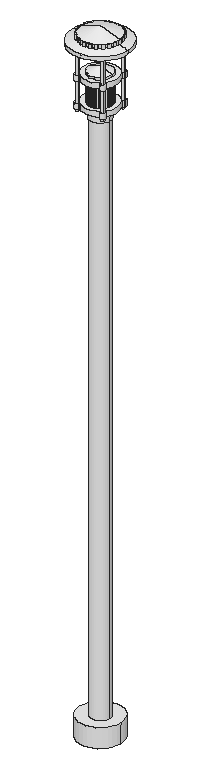
Revit family "BNM", category Lighting Fixtures, Revit 2013
Parameters
  Wattage Comments = "60 LEDs, 66W"  # constant formula
  Wattage = 66 W
  built-in parameter 1150110 = 1 (stored number, unit not read)
  Voltage = 120 V
  URL = "www.kimlighting.com/"
  Type Comments = "Lighting Fixture"  # constant formula
  built-in parameter 1114217 = 1 (stored number, unit not read)
  Tilt Angle = 90.00°
  built-in parameter 1150109 = 1 (stored number, unit not read)
  built-in parameter 1150134 = (empty or 0)
  built-in parameter 1150113 = 1 (stored number, unit not read)
  Series = "Mini_Bounce"  # constant formula
  Revision Date = "10/16/2017"  # constant formula
  Product Page URL = "http://www.kimlighting.com/products/minibounce"
  Product Documentation Link = "http://www.kimlighting.com/content/products/specs/specs_files/kl_bnmled_spec.pdf"
  Power Factor = 1  # constant formula
  Pole Visible = yes
  Photometric Web Link = "http://www.kimlighting.com/products/minibounce"
  Photometric Web File = "BNM-18LED-4K.ies"
  Photometric Notes = "More IES files download on Photometric Web Link"  # constant formula
  OmniClass Title = "Street and Roadway Lighting"  # constant formula
  OmniClass Number = "23-80 70 14 21"  # constant formula
  Number of Poles = 1
  Note Visible = yes
  Note Text = "LF"  # constant formula
  Model = "BNM"  # constant formula
  MasterFormat Title = "Parking Lighting, Site Lighting, Walkway Lighting"  # constant formula
  Manufacturer Phone = "626-968-5666"  # constant formula
  Manufacturer Fax = "626-369-2695"  # constant formula
  Manufacturer = "Kim Lighting"  # constant formula
  Lumens = 9803.77 lm
  built-in parameter 1150115 = 1 (stored number, unit not read)
  built-in parameter 1150105 = -3313674.1 (stored number, unit not read)
  Total Pole Height = 120"
  built-in parameter 1150137 = (empty or 0)
  built-in parameter 1150139 = (empty or 0)
  built-in parameter 1150112 = 1 (stored number, unit not read)
  built-in parameter 1150114 = 1 (stored number, unit not read)
  Lamp = "LED"  # constant formula
  Initial Lumens = 0 lm
  built-in parameter 1150132 = (empty or 0)
  built-in parameter 1150102 = (empty or 0)
  built-in parameter 1150138 = (empty or 0)
  built-in parameter 1150107 = 3000 (stored number, unit not read)
  built-in parameter 1150106 = -33136.7 (stored number, unit not read)
  Housing Material = Metal-Kim Lighting-Aluminum Alloy
  Glass Material = Glass-Kim Lighting-Clear
  Full Load Current = 0 A
  Finish = "All colors shall be a Super TGIC thermoset polyester powder coat paint"
  Emit from Circle Diameter = 6"  # constant formula
  Emit Shape Visible in Rendering = no
  built-in parameter 1150104 = 13.8 (stored number, unit not read)
  Dimming Lamp Color Temperature Shift = <None>
  Description = "Site/ Roadway Luminaire"  # constant formula
  Color Filter = 16777215
  Pole Material = Metal-Kim Lighting-Aluminum Alloy
  built-in parameter 1114218 = 1 (stored number, unit not read)
  Ballast Cover Material = Metal-Kim Lighting-Aluminum-Reflective
  built-in parameter 1150133 = 10 (stored number, unit not read)
  Assembly Code = "D5020200"
  Apparent Load = 0 VA
Reference planes (in)
  plane 1 "Light Source Axis (F/B)": y = 0
  plane 2 "Bottom": z = 0
  plane 3 "Light Source Axis (L/R)": x = 0
  plane 4 "Light Source Elevation": z = 132.37042
  plane 5: x = -2.44835
  plane 6: z = 127.81243
  plane 7: x = -2.74538
  plane 8: z = 126.43743
  plane 9: z = 127.43743
  plane 10: x = -3.9375
  plane 11: z = 133.12493
  plane 12: z = 132.99993
  plane 13: z = 133.81243
  plane 14: z = 134.43743
  plane 15 "Top": z = 135.12493
  plane 16 "Left": x = -6
  plane 17 "Right": x = 6
  plane 18: x = 0
  plane 19: y = 0
  plane 20: z = 132.37042
  plane 21 "Bottom of Head": z = 120
  plane 22: z = 121
  plane 23: z = 120.5
  plane 24: x = 2.74538
  plane 25: z = 122
  plane 26: y = 2.74538
  plane 27: y = -2.74538
  plane 28: x = 2.44835
Forms (in)
  Revolve 1, solid, material "Metal-Kim Lighting-Aluminum Alloy" <- "Housing Material"
    sketch origin (0, 0, -2) x (1, 0, 0) y (0, 0, 1)
      loop
        line (0, 122) -> (0, 128.43743) -> (-2.44835, 128.43743) -> (-2.44835, 122.5) -> (-1.94835, 122) -> (0, 122)
      axis (0, 128.43743) -> (0, 122)
    angle from 0 to 360
  Blend 2, solid, material "Metal-Kim Lighting-Aluminum Alloy" <- "Housing Material"
    base sketch origin (132.08336, 122.47476, 126.43743) x (0.707107, -0.707107, 0) y (0.707107, 0.707107, 0)
      loop
        arc (-3.25152, -179.54597) -> (-4.26873, -177.47427) -> (-6.34043, -176.45706) r 3.57192
        arc (-6.34043, -176.45706) -> (-6.79446, -175.5625) -> (-7.24849, -176.45706) r 0.5625
        arc (-7.24849, -176.45706) -> (-9.32019, -177.47427) -> (-10.33741, -179.54597) r 3.57192
        arc (-10.33741, -179.54597) -> (-11.23196, -180) -> (-10.33741, -180.45403) r 0.5625
        arc (-10.33741, -180.45403) -> (-9.32019, -182.52573) -> (-7.24849, -183.54294) r 3.57192
        arc (-7.24849, -183.54294) -> (-6.79446, -184.4375) -> (-6.34043, -183.54294) r 0.5625
        arc (-6.34043, -183.54294) -> (-4.26873, -182.52573) -> (-3.25152, -180.45403) r 3.57192
        arc (-3.25152, -180.45403) -> (-2.35696, -180) -> (-3.25152, -179.54597) r 0.5625
    top sketch origin (132.08336, 122.47476, 126.43743) x (0.707107, -0.707107, 0) y (0.707107, 0.707107, 0)
      loop
        arc (-3.25152, -179.54597) -> (-4.26873, -177.47427) -> (-6.34043, -176.45706) r 3.57192
        arc (-6.34043, -176.45706) -> (-6.79446, -175.5625) -> (-7.24849, -176.45706) r 0.5625
        arc (-7.24849, -176.45706) -> (-9.32019, -177.47427) -> (-10.33741, -179.54597) r 3.57192
        arc (-10.33741, -179.54597) -> (-11.23196, -180) -> (-10.33741, -180.45403) r 0.5625
        arc (-10.33741, -180.45403) -> (-9.32019, -182.52573) -> (-7.24849, -183.54294) r 3.57192
        arc (-7.24849, -183.54294) -> (-6.79446, -184.4375) -> (-6.34043, -183.54294) r 0.5625
        arc (-6.34043, -183.54294) -> (-4.26873, -182.52573) -> (-3.25152, -180.45403) r 3.57192
        arc (-3.25152, -180.45403) -> (-2.35696, -180) -> (-3.25152, -179.54597) r 0.5625
    from 0 to 1
  Extrusion 3, solid, material "Metal-Kim Lighting-Aluminum-Reflective" <- "Ballast Cover Material", detail levels medium+fine
    sketch origin (-4.44925, -180, 132.99993) x (0, -1, 0) y (-1, 0, 0)
      loop
        circle (-180, -4.44925) r 4.8125
      loop
        circle (-180, -4.44925) r 3.5
    from 0 to -0.125
  Revolve 4, solid, material "Metal-Kim Lighting-Aluminum Alloy" <- "Housing Material", detail levels medium+fine
    sketch origin (0, 0, 2) x (1, 0, 0) y (0, 0, 1)
      loop
        line (-2.74538, 131.12493) -> (-2.74538, 132.43743) -> (0, 132.43743) -> (0, 134.43743) -> (-4.12898, 133.12493) -> (-4.12898, 132.43743) -> (-4.25, 132.43743) -> (-6, 131.81243) -> (-6, 131.12493) -> (-2.74538, 131.12493)
      axis (0, 134.43743) -> (0, 131.12493)
    angle from 0 to 360
  Extrusion 5, solid, material "Metal-Kim Lighting-Aluminum Alloy" <- "Housing Material", detail levels fine
    sketch origin (0, 0, 0) x (1, 0, 0) y (0, 1, 0)
      loop
        line (-0.27303, 4.06332) -> (-0.73629, 3.99553) -> (-0.78461, 4.17585) -> (-1.31206, 4.03452) -> (-1.26375, 3.8542) -> (-1.74356, 3.65545) -> (-1.8369, 3.81712) -> (-2.30981, 3.54409) -> (-2.21646, 3.38242) -> (-2.68014, 3.06626) -> (-2.81214, 3.19826) -> (-3.19826, 2.81214) -> (-3.06626, 2.68014) -> (-3.38242, 2.26811) -> (-3.54409, 2.36145) -> (-3.81712, 1.88855) -> (-3.65545, 1.79521) -> (-3.8542, 1.31539) -> (-4.03452, 1.36371) -> (-4.17585, 0.83625) -> (-3.99553, 0.78794) -> (-4.06332, 0.27303) -> (-4.25, 0.27303) -> (-4.25, -0.27303) -> (-4.06332, -0.27303) -> (-3.99553, -0.78794) -> (-4.17585, -0.83625) -> (-4.03452, -1.36371) -> (-3.8542, -1.31539) -> (-3.65545, -1.79521) -> (-3.81712, -1.88855) -> (-3.54409, -2.36145) -> (-3.38242, -2.26811) -> (-3.06626, -2.68014) -> (-3.19826, -2.81214) -> (-2.81214, -3.19826) -> (-2.68014, -3.06626) -> (-2.21646, -3.38242) -> (-2.30981, -3.54409) -> (-1.8369, -3.81712) -> (-1.74356, -3.65545) -> (-1.26375, -3.8542) -> (-1.31206, -4.03452) -> (-0.78461, -4.17585) -> (-0.73629, -3.99553) -> (-0.27303, -4.06332) -> (-0.27303, -4.25) -> (0.27303, -4.25) -> (0.27303, -4.06332) -> (0.78794, -3.99553) -> (0.83625, -4.17585) -> (1.36371, -4.03452) -> (1.31539, -3.8542) -> (1.79521, -3.65545) -> (1.88855, -3.81712) -> (2.36145, -3.54409) -> (2.26811, -3.38242) -> (2.68014, -3.06626) -> (2.81214, -3.19826) -> (3.19826, -2.81214) -> (3.06626, -2.68014) -> (3.38242, -2.26811) -> (3.54409, -2.36145) -> (3.81712, -1.88855) -> (3.65545, -1.79521) -> (3.8542, -1.31539) -> (3.9755, -1.36371) -> (4.11683, -1.0089) -> (3.94107, -0.93889) -> (4.0043, -0.27303) -> (4.19098, -0.27303) -> (4.19098, 0.27303) -> (4.0043, 0.27303) -> (3.93651, 0.78794) -> (4.11683, 0.83625) -> (3.9755, 1.36371) -> (3.8542, 1.33121) -> (3.65545, 1.81102) -> (3.81712, 1.90436) -> (3.54409, 2.37727) -> (3.38242, 2.28392) -> (3.06626, 2.69595) -> (3.19826, 2.82796) -> (2.81214, 3.21408) -> (2.68014, 3.08208) -> (2.26811, 3.39824) -> (2.36145, 3.55991) -> (1.88855, 3.83294) -> (1.79521, 3.67127) -> (1.31539, 3.87001) -> (1.36371, 4.05033) -> (0.83625, 4.19166) -> (0.78794, 4.01134) -> (0.27303, 4.07913) -> (0.27303, 4.25) -> (-0.27303, 4.25) -> (-0.27303, 4.06332)
    from 134.43743 to 135.12493
  Extrusion 6, solid, material "Metal-Kim Lighting-Aluminum Alloy" <- "Housing Material", detail levels coarse
    sketch origin (0, 0, 0) x (1, 0, 0) y (0, 1, 0)
      loop
        circle (0, 0) r 6
    from 133.12493 to 135.12493
  Revolve 7, solid, material "Metal-Kim Lighting-Aluminum Alloy" <- "Housing Material"
    sketch origin (-6.42738, 2.74538, 48) x (-1, 0, 0) y (0, 0, 1)
      loop
        line (-3.682, 84.99993) -> (-3.682, 72.5) -> (-3.38497, 72.5) -> (-3.38497, 84.37042) -> (-3.25667, 84.37042) -> (-3.25667, 84.99993) -> (-3.682, 84.99993)
      axis (-3.682, 72.5) -> (-3.682, 84.99993)
    angle from 0 to 360
  Extrusion 8, solid, material "Metal-Kim Lighting-Aluminum Alloy" <- "Housing Material", detail levels fine
    sketch origin (0, 0, 0) x (1, 0, 0) y (0, 1, 0)
      loop
        line (-0.1592, 2.36922) -> (-0.42931, 2.32969) -> (-0.45749, 2.43484) -> (-0.76503, 2.35243) -> (-0.73686, 2.24729) -> (-1.01663, 2.1314) -> (-1.07105, 2.22567) -> (-1.34679, 2.06647) -> (-1.29237, 1.97221) -> (-1.56272, 1.78786) -> (-1.63969, 1.86483) -> (-1.86483, 1.63969) -> (-1.78786, 1.56272) -> (-1.97221, 1.32248) -> (-2.06647, 1.3769) -> (-2.22567, 1.10117) -> (-2.1314, 1.04674) -> (-2.24729, 0.76697) -> (-2.35243, 0.79514) -> (-2.43484, 0.4876) -> (-2.32969, 0.45943) -> (-2.36922, 0.1592) -> (-2.47807, 0.1592) -> (-2.47807, -0.1592) -> (-2.36922, -0.1592) -> (-2.32969, -0.45943) -> (-2.43484, -0.4876) -> (-2.35243, -0.79514) -> (-2.24729, -0.76697) -> (-2.1314, -1.04674) -> (-2.22567, -1.10117) -> (-2.06647, -1.3769) -> (-1.97221, -1.32248) -> (-1.78786, -1.56272) -> (-1.86483, -1.63969) -> (-1.63969, -1.86483) -> (-1.56272, -1.78786) -> (-1.29237, -1.97221) -> (-1.34679, -2.06647) -> (-1.07105, -2.22567) -> (-1.01663, -2.1314) -> (-0.73686, -2.24729) -> (-0.76503, -2.35243) -> (-0.45749, -2.43484) -> (-0.42931, -2.32969) -> (-0.1592, -2.36922) -> (-0.1592, -2.47807) -> (0.1592, -2.47807) -> (0.1592, -2.36922) -> (0.45943, -2.32969) -> (0.4876, -2.43484) -> (0.79514, -2.35243) -> (0.76697, -2.24729) -> (1.04674, -2.1314) -> (1.10117, -2.22567) -> (1.3769, -2.06647) -> (1.32248, -1.97221) -> (1.56272, -1.78786) -> (1.63969, -1.86483) -> (1.86483, -1.63969) -> (1.78786, -1.56272) -> (1.97221, -1.32248) -> (2.06647, -1.3769) -> (2.22567, -1.10117) -> (2.1314, -1.04674) -> (2.24729, -0.76697) -> (2.31802, -0.79514) -> (2.40042, -0.58826) -> (2.29794, -0.54744) -> (2.33481, -0.1592) -> (2.44366, -0.1592) -> (2.44366, 0.1592) -> (2.33481, 0.1592) -> (2.29528, 0.45943) -> (2.40042, 0.4876) -> (2.31802, 0.79514) -> (2.24729, 0.77619) -> (2.1314, 1.05596) -> (2.22567, 1.11039) -> (2.06647, 1.38612) -> (1.97221, 1.3317) -> (1.78786, 1.57194) -> (1.86483, 1.64891) -> (1.63969, 1.87405) -> (1.56272, 1.79708) -> (1.32248, 1.98143) -> (1.3769, 2.07569) -> (1.10117, 2.23489) -> (1.04674, 2.14062) -> (0.76697, 2.25651) -> (0.79514, 2.36165) -> (0.4876, 2.44406) -> (0.45943, 2.33892) -> (0.1592, 2.37844) -> (0.1592, 2.47807) -> (-0.1592, 2.47807) -> (-0.1592, 2.36922)
    from 122 to 126.43743
  Revolve 9, solid, material "Metal-Kim Lighting-Aluminum Alloy" <- "Housing Material"
    sketch origin (6.42738, 2.74538, 48) x (1, 0, 0) y (0, 0, -1)
      loop
        line (-3.682, -84.99993) -> (-3.25667, -84.99993) -> (-3.25667, -84.37042) -> (-3.38497, -84.37042) -> (-3.38497, -72.5) -> (-3.682, -72.5) -> (-3.682, -84.99993)
      axis (-3.682, -72.5) -> (-3.682, -84.99993)
    angle from 0 to 360
  Revolve 10, solid, material "Metal-Kim Lighting-Aluminum Alloy" <- "Housing Material"
    sketch origin (-6.42738, -2.74538, 48) x (-1, 0, 0) y (0, 0, 1)
      loop
        line (-3.682, 84.99993) -> (-3.682, 72.5) -> (-3.38497, 72.5) -> (-3.38497, 84.37042) -> (-3.25667, 84.37042) -> (-3.25667, 84.99993) -> (-3.682, 84.99993)
      axis (-3.682, 72.5) -> (-3.682, 84.99993)
    angle from 0 to 360
  Revolve 11, solid, material "Metal-Kim Lighting-Aluminum Alloy" <- "Housing Material"
    sketch origin (-6.42738, -2.74538, 48) x (-1, 0, 0) y (0, 0, 1)
      loop
        line (-9.17276, 84.99993) -> (-9.59809, 84.99993) -> (-9.59809, 84.37042) -> (-9.46979, 84.37042) -> (-9.46979, 72.5) -> (-9.17276, 72.5) -> (-9.17276, 84.99993)
      axis (-9.17276, 72.5) -> (-9.17276, 84.99993)
    angle from 0 to 360
  Blend 12, solid, material "Metal-Kim Lighting-Aluminum Alloy" <- "Housing Material"
    base sketch origin (132.08336, 122.47476, 24.87507) x (0.707107, -0.707107, 0) y (0.707107, 0.707107, 0)
      loop
        arc (-3.25152, -179.54597) -> (-4.26873, -177.47427) -> (-6.34043, -176.45706) r 3.57192
        arc (-6.34043, -176.45706) -> (-6.79446, -175.5625) -> (-7.24849, -176.45706) r 0.5625
        arc (-7.24849, -176.45706) -> (-9.32019, -177.47427) -> (-10.33741, -179.54597) r 3.57192
        arc (-10.33741, -179.54597) -> (-11.23196, -180) -> (-10.33741, -180.45403) r 0.5625
        arc (-10.33741, -180.45403) -> (-9.32019, -182.52573) -> (-7.24849, -183.54294) r 3.57192
        arc (-7.24849, -183.54294) -> (-6.79446, -184.4375) -> (-6.34043, -183.54294) r 0.5625
        arc (-6.34043, -183.54294) -> (-4.26873, -182.52573) -> (-3.25152, -180.45403) r 3.57192
        arc (-3.25152, -180.45403) -> (-2.35696, -180) -> (-3.25152, -179.54597) r 0.5625
    top sketch origin (132.08336, 122.47476, 24.87507) x (0.707107, -0.707107, 0) y (0.707107, 0.707107, 0)
      loop
        arc (-3.25152, -179.54597) -> (-4.26873, -177.47427) -> (-6.34043, -176.45706) r 3.57192
        arc (-6.34043, -176.45706) -> (-6.79446, -175.5625) -> (-7.24849, -176.45706) r 0.5625
        arc (-7.24849, -176.45706) -> (-9.32019, -177.47427) -> (-10.33741, -179.54597) r 3.57192
        arc (-10.33741, -179.54597) -> (-11.23196, -180) -> (-10.33741, -180.45403) r 0.5625
        arc (-10.33741, -180.45403) -> (-9.32019, -182.52573) -> (-7.24849, -183.54294) r 3.57192
        arc (-7.24849, -183.54294) -> (-6.79446, -184.4375) -> (-6.34043, -183.54294) r 0.5625
        arc (-6.34043, -183.54294) -> (-4.26873, -182.52573) -> (-3.25152, -180.45403) r 3.57192
        arc (-3.25152, -180.45403) -> (-2.35696, -180) -> (-3.25152, -179.54597) r 0.5625
    from 96.12493 to 97.12493
  Extrusion 13, solid, material "Glass-Kim Lighting-Clear" <- "Glass Material", detail levels medium+fine
    sketch origin (0, 0, 0) x (1, 0, 0) y (0, 1, 0)
      loop
        circle (0, 0) r 3.5
    from 132.99993 to 133.12493
  Revolve 14, solid, material "Metal-Kim Lighting-Aluminum-Reflective" <- "Ballast Cover Material", detail levels medium+fine
    sketch origin (0, 0, 0) x (1, 0, 0) y (0, 0, 1)
      loop
        line (0, 128.76504) -> (-2.44835, 127.81243) -> (-2.44835, 127.43743) -> (0, 127.43743) -> (0, 128.76504)
      axis (0, 128.76504) -> (0, 127.43743)
    angle from 0 to 360
Lines and regions (in)
  symbolic lines
    curve 1: circle (0, 0, 0) r 6 normal (0, 0, 1)
    curve 11: line (0, 0, 136.43676) -> (4.25, 0, 135.12493)
    curve 14: line (-4.3125, 0, 135.12493) -> (0, 0, 136.43676)
    curve 36: line (0, 0, 136.43678) -> (0, 4.3125, 135.12493)
    curve 39: line (0, -4.30363, 135.12313) -> (0, 0, 136.43678)
  symbolic lines, detail levels coarse
    curve 2: line (-6, 0, 0) -> (6, 0, 0)
    curve 3: line (0, 6, 0) -> (0, -6, 0)
    curve 12: line (4.25, 0, 135.12493) -> (4.25, 0, 127.43743)
    curve 13: line (-4.3125, 0, 127.43743) -> (-4.3125, 0, 135.12493)
    curve 24: line (-4.3125, 0, 135.12493) -> (-4.3125, 0, 127.43743)
    curve 34: line (4.25, 0, 135.12493) -> (-4.3125, 0, 127.43743)
    curve 35: line (-4.3125, 0, 135.12493) -> (4.25, 0, 127.43743)
    curve 37: line (0, 4.3125, 135.12493) -> (0, 4.3125, 127.43743)
    curve 38: line (0, -4.30363, 127.43743) -> (0, -4.30363, 135.12313)
    curve 40: line (0, 4.3125, 135.12493) -> (0, -4.30363, 127.43743)
    curve 41: line (0, -4.30363, 135.12313) -> (0, 4.3125, 127.43743)
    curve 44: line (0, 4.3125, 127.43743) -> (0, -4.30363, 127.43743)
    curve 89: line (4.25, 0, 127.43743) -> (-4.3125, 0, 127.43743)
    curve 90: line (3.04241, 0, 127.43743) -> (3.04241, 0, 120)
    curve 91: line (-3.04241, 0, 127.43743) -> (-3.04241, 0, 120)
    curve 92: line (3.04241, 0, 120) -> (-3.04241, 0, 120)
    curve 108: line (0, 3.04536, 127.43743) -> (0, 3.04536, 120)
    curve 109: line (0, -3.04115, 127.43743) -> (0, -3.04115, 120)
    curve 110: line (0, 3.04536, 120) -> (0, -3.04115, 120)
  symbolic lines, detail levels medium+fine
    curve 4: circle (0, 0, 0) r 4.8125 normal (0, 0, 1)
    curve 5: circle (0, 0, 0) r 0.5 normal (0, 0, 1)
    curve 16: line (3.17722, 0, 132.99993) -> (3.17722, 0, 132.37042)
    curve 17: line (3.17722, 0, 132.37042) -> (2.32132, 0, 132.37042)
    curve 18: line (2.32132, 0, 132.37042) -> (2.32132, 0, 132.99993)
    curve 19: line (4.25, 0, 134.43743) -> (6, 0, 133.81243)
    curve 20: line (6, 0, 133.81243) -> (6, 0, 133.12493)
    curve 21: line (6, 0, 133.12493) -> (-6, 0, 133.12493)
    curve 29: line (-6, 0, 133.79608) -> (-6, 0, 133.12493)
    curve 30: line (-4.3125, 0, 134.43743) -> (-6, 0, 133.81243)
    curve 31: line (4.25, 0, 134.43743) -> (4.25, 0, 135.12493)
    curve 32: line (-4.3125, 0, 135.12493) -> (-4.3125, 0, 134.43743)
    curve 45: line (0, 3.161, 132.99993) -> (0, 3.161, 132.37493)
    curve 46: line (0, 2.31486, 132.37493) -> (0, 2.31486, 132.99993)
    curve 47: line (0, 2.44752, 132.37493) -> (0, 2.44752, 120.5)
    curve 48: line (0, 3.04536, 120.5) -> (0, 3.04536, 132.37493)
    curve 49: line (0, -2.3202, 132.99993) -> (0, -2.3202, 132.37493)
    curve 50: line (0, -3.16368, 132.37493) -> (0, -3.16368, 132.99993)
    curve 51: line (0, -3.04115, 132.37493) -> (0, -3.04115, 120.5)
    curve 52: line (0, 4.3125, 134.43743) -> (0, 6.00138, 133.81243)
    curve 53: line (0, 6.00138, 133.81243) -> (0, 6.00138, 133.12493)
    curve 54: line (0, 6.00138, 133.12493) -> (0, -6, 133.12493)
    curve 55: line (0, -6, 133.12493) -> (0, -6, 133.81243)
    curve 56: line (0, -6, 133.81243) -> (0, -4.30363, 134.43743)
    curve 60: line (0, -2.3202, 132.37493) -> (0, -3.16368, 132.37493)
    curve 61: line (0, 3.161, 132.37493) -> (0, 2.31486, 132.37493)
    curve 62: line (0, 4.81765, 133.12493) -> (0, 4.81765, 132.99993)
    curve 63: line (0, 4.81765, 132.99993) -> (0, -4.8125, 132.99993)
    curve 64: line (0, -4.8125, 132.99993) -> (0, -4.8125, 133.12493)
    curve 65: line (0, 4.3125, 134.43743) -> (0, 4.3125, 135.12493)
    curve 66: line (0, -4.30987, 135.12493) -> (0, -4.30987, 134.43558)
    curve 67: line (0, -4.30987, 134.43558) -> (0, -5.99478, 133.8148)
    curve 69: line (2.44835, 0, 132.37042) -> (2.44835, 0, 120.5)
    curve 70: line (3.04241, 0, 132.37042) -> (3.04241, 0, 120.5)
    curve 71: line (3.04241, 0, 120.5) -> (2.44835, 0, 120.5)
    curve 72: line (-3.17722, 0, 132.99993) -> (-3.17722, 0, 132.37042)
    curve 73: line (-3.17722, 0, 132.37042) -> (-2.32057, 0, 132.37042)
    curve 74: line (-2.32057, 0, 132.37042) -> (-2.32057, 0, 132.99993)
    curve 75: line (-2.44835, 0, 132.37042) -> (-2.44835, 0, 120.5)
    curve 76: line (-3.04241, 0, 132.37042) -> (-3.04241, 0, 120.5)
    curve 77: line (-3.04241, 0, 120.5) -> (-2.44835, 0, 120.5)
    curve 78: line (3.57165, 0, 127.43743) -> (-3.57219, 0, 127.43743)
    curve 79: line (3.57165, 0, 126.43743) -> (3.57165, 0, 127.43743)
    curve 80: line (-3.57219, 0, 126.43743) -> (3.57165, 0, 126.43743)
    curve 81: line (-3.57219, 0, 127.43743) -> (-3.57219, 0, 126.43743)
    curve 82: line (3.57165, 0, 122) -> (-3.57219, 0, 122)
    curve 83: line (3.57165, 0, 121) -> (3.57165, 0, 122)
    curve 84: line (-3.57219, 0, 121) -> (3.57165, 0, 121)
    curve 85: line (-3.57219, 0, 122) -> (-3.57219, 0, 121)
    curve 86: line (2.44835, 0, 120.5) -> (1.94835, 0, 120)
    curve 87: line (-2.44835, 0, 120.5) -> (-1.94761, 0, 120)
    curve 88: line (1.94835, 0, 120) -> (-1.94761, 0, 120)
    curve 93: line (4.81942, 0, 133.12493) -> (4.81942, 0, 132.99993)
    curve 94: line (4.81942, 0, 132.99993) -> (-4.8125, 0, 132.99993)
    curve 95: line (-4.8125, 0, 132.99993) -> (-4.8125, 0, 133.12493)
    curve 97: line (0, 3.57186, 126.43743) -> (0, -3.56948, 126.43743)
    curve 98: line (0, 3.57186, 127.43743) -> (0, 3.57186, 126.43743)
    curve 99: line (0, -3.56948, 127.43743) -> (0, 3.57186, 127.43743)
    curve 100: line (0, -3.56948, 126.43743) -> (0, -3.56948, 127.43743)
    curve 101: line (0, 3.57186, 122) -> (0, -3.57197, 122)
    curve 102: line (0, 3.57186, 121) -> (0, 3.57186, 122)
    curve 103: line (0, -3.57197, 121) -> (0, 3.57186, 121)
    curve 104: line (0, -3.57197, 122) -> (0, -3.57197, 121)
    curve 105: line (0, 2.44752, 120.5) -> (0, 1.94752, 120)
    curve 106: line (0, 1.94752, 120) -> (0, -1.94835, 120)
    curve 107: line (0, -2.44835, 120.5) -> (0, -1.94835, 120)
    curve 111: line (0, 3.04536, 120.5) -> (0, 2.44752, 120.5)
    curve 112: line (0, -2.44835, 120.5) -> (0, -3.04115, 120.5)
    curve 113: line (0, -2.44962, 132.37493) -> (0, -2.44962, 120.5)
  symbolic lines, detail levels fine
    curve 6: circle (-2.78949, 2.78917, 0) r 0.51175 normal (0, 0, 1)
    curve 7: circle (2.78895, 2.78917, 0) r 0.51175 normal (0, 0, 1)
    curve 8: circle (-2.78949, -2.78928, 0) r 0.51175 normal (0, 0, -1)
    curve 9: circle (2.78895, -2.78928, 0) r 0.51175 normal (0, 0, -1)
    curve 10: circle (0, 0, 0) r 4.50976 normal (0, 0, 1)
    curve 15: line (2.44835, 0, 127.81243) -> (-0.0046, 0, 128.76679)
    curve 22: line (4.25, 0, 134.43743) -> (0, 0, 134.43743)
    curve 23: line (4.25, 0, 135.12493) -> (0, 0, 135.12493)
    curve 25: line (-2.45485, 0, 127.81243) -> (-0.0046, 0, 128.76679)
    curve 26: line (-4.3125, 0, 134.43743) -> (0, 0, 134.43743)
    curve 27: line (-4.3125, 0, 135.12493) -> (0, 0, 135.12493)
    curve 28: line (6, 0, 133.81243) -> (-6, 0, 133.81243)
    curve 33: line (2.5065, 0, 127.81243) -> (-2.45485, 0, 127.81243)
    curve 42: line (0, -2.41503, 127.81243) -> (0, -0.00822, 128.76816)
    curve 43: line (0, 2.44344, 127.81243) -> (0, -0.00822, 128.76816)
    curve 57: line (0, 4.3125, 134.43743) -> (0, -4.30363, 134.43743)
    curve 58: line (0, 4.3125, 135.12493) -> (0, -4.30987, 135.12493)
    curve 59: line (0, 6.00138, 133.81243) -> (0, -6, 133.81243)
    curve 68: line (0, 2.44344, 127.81243) -> (0, -2.44962, 127.81243)
    curve 96: line (2.44835, 0, 120.5) -> (-2.44835, 0, 120.5)
    curve 114: line (0, 2.44752, 120.5) -> (0, -2.44835, 120.5)
Dimensions and locks (in)
  locked: plane 5 to plane 3 "Light Source Axis (L/R)" at 2.44835
  locked: plane 7 to plane 3 "Light Source Axis (L/R)" at 2.74538
  locked: plane 10 to plane 3 "Light Source Axis (L/R)" at 3.9375
  locked: plane 23 to plane 21 "Bottom of Head" at 0.5
  locked: plane 22 to plane 21 "Bottom of Head" at 1
  locked: plane 25 to plane 21 "Bottom of Head" at 2
  locked: plane 8 to plane 21 "Bottom of Head" at 6.43743
  locked: plane 9 to plane 21 "Bottom of Head" at 7.43743
  locked: plane 6 to plane 21 "Bottom of Head" at 7.81243
  locked: plane 20 to plane 21 "Bottom of Head" at 12.37042
  locked: plane 12 to plane 21 "Bottom of Head" at 12.99993
  locked: plane 11 to plane 21 "Bottom of Head" at 13.12493
  locked: plane 13 to plane 21 "Bottom of Head" at 13.81243
  locked: plane 14 to plane 21 "Bottom of Head" at 14.43743
  locked: plane 15 "Top" to plane 21 "Bottom of Head" at 15.12493
  "Total Pole Height": plane 21 "Bottom of Head" to plane 2 "Bottom"
  equal spacing: plane 26, plane 1 "Light Source Axis (F/B)", plane 27
  locked: plane 26 to plane 27 at 5.49076
  locked: plane 3 "Light Source Axis (L/R)" to plane 24 at 2.74538
  locked: plane 3 "Light Source Axis (L/R)" to plane 28 at 2.44835
  locked: plane 16 "Left" to plane 3 "Light Source Axis (L/R)" at 6
  locked: plane 3 "Light Source Axis (L/R)" to plane 17 "Right" at 6
  aligned and locked: plane 3 "Light Source Axis (L/R)" to imposter light
  aligned and locked: imposter light to plane 1 "Light Source Axis (F/B)"
  aligned and locked: plane 4 "Light Source Elevation" to imposter light
  aligned and locked: Blend 2 to plane 9
  aligned and locked: plane 11 to Extrusion 3  (x3)
  aligned and locked: plane 12 to Extrusion 3  (x2)
  aligned and locked: Revolve 4 to plane 13
  aligned and locked: plane 16 "Left" to Revolve 4
  aligned and locked: plane 17 "Right" to Revolve 4
  aligned and locked: Blend 2 to plane 8
  aligned and locked: Extrusion 5 to plane 15 "Top"
  aligned and locked: plane 14 to Extrusion 5
  aligned and locked: Extrusion 6 to plane 15 "Top"  (x2)
  aligned and locked: Extrusion 6 to plane 11
  aligned and locked: plane 18 to nested 1
  aligned and locked: plane 25 to Extrusion 8
  aligned and locked: plane 8 to Extrusion 8
  aligned and locked: Blend 12 to plane 25
  aligned and locked: plane 22 to Blend 12
  aligned and locked: plane 11 to Extrusion 13
  aligned and locked: plane 12 to Extrusion 13
  aligned and locked: plane 4 "Light Source Elevation" to plane 20
  aligned and locked: Revolve 11 sketch curve to plane 4 "Light Source Elevation"
  aligned and locked: plane 4 "Light Source Elevation" to Revolve 9 sketch curve
  aligned and locked: plane 4 "Light Source Elevation" to Revolve 10 sketch curve
  aligned and locked: Revolve 7 sketch curve to plane 4 "Light Source Elevation"
  aligned and locked: curve 69 to plane 28
  aligned and locked: curve 75 to plane 5
  aligned and locked: plane 12 to Revolve 11 sketch curve
  aligned and locked: Revolve 10 sketch curve to plane 12
  aligned and locked: Revolve 7 sketch curve to plane 12
  aligned and locked: plane 12 to Revolve 9 sketch curve
  aligned and locked: Revolve 11 sketch curve to plane 23
  aligned and locked: plane 24 to Revolve 11 sketch curve
  aligned and locked: plane 7 to Revolve 10 sketch curve
  aligned and locked: plane 23 to Revolve 10 sketch curve
  aligned and locked: Revolve 9 sketch curve to plane 23
  aligned and locked: plane 24 to Revolve 9 sketch curve
  aligned and locked: plane 7 to Revolve 7 sketch curve
  aligned and locked: plane 23 to Revolve 7 sketch curve
  aligned and locked: plane 22 to curve 84
  aligned and locked: curve 82 to plane 25
  aligned and locked: Revolve 1 to plane 8  (x2)
  aligned and locked: Revolve 1 sketch curve to plane 21 "Bottom of Head"
  aligned and locked: plane 23 to Revolve 1 sketch curve
  aligned and locked: Revolve 1 sketch curve to plane 18
  aligned and locked: Revolve 1 sketch curve to plane 5
  aligned and locked: Revolve 1 sketch curve to plane 8
  aligned and locked: plane 25 to Blend 12  (x2)
  aligned and locked: Revolve 14 sketch curve to plane 18
  aligned and locked: plane 9 to Revolve 14 sketch curve
  aligned and locked: curve 75 to Revolve 14 sketch curve
  aligned and locked: plane 14 to Revolve 4  (x3)
  aligned and locked: Revolve 4 to plane 15 "Top"
  aligned and locked: plane 15 "Top" to Extrusion 6
  aligned and locked: Revolve 4 to plane 11  (x3)
  aligned and locked: curve 94 to plane 12
  aligned and locked: Extrusion 13 to plane 11  (x2)
  aligned and locked: Extrusion 13 to plane 12  (x2)
  aligned and locked: Revolve 4 sketch curve to plane 14
  aligned and locked: plane 11 to Revolve 4 sketch curve
  aligned and locked: plane 16 "Left" to Revolve 4 sketch curve
  aligned and locked: plane 13 to Revolve 4 sketch curve
  aligned and locked: plane 14 to Revolve 4 sketch curve  (x2)
  aligned and locked: plane 15 "Top" to Revolve 4 sketch curve
  aligned and locked: plane 18 to Revolve 4 sketch curve
  aligned and locked: Revolve 4 sketch curve to plane 18
  aligned and locked: plane 20 to imposter light
  aligned and locked: plane 9 to curve 35
  aligned and locked: curve 78 to plane 9
  aligned and locked: curve 80 to plane 8
  aligned and locked: plane 9 to Revolve 14
  aligned and locked: Blend 12 to plane 22
  aligned and locked: plane 9 to curve 34
  aligned and locked: plane 6 to curve 33  (x2)
  aligned and locked: plane 18 to Revolve 14 sketch curve
  aligned and locked: plane 6 to Revolve 14 sketch curve
  aligned and locked: plane 15 "Top" to Revolve 4
  aligned and locked: Revolve 4 to plane 14  (x2)
  aligned and locked: plane 13 to Revolve 4
  aligned and locked: plane 13 to curve 28
  aligned and locked: plane 15 "Top" to curve 31
  aligned and locked: plane 15 "Top" to curve 32
  aligned and locked: plane 13 to curve 30
  aligned and locked: plane 11 to curve 29
  aligned and locked: plane 11 to curve 21
  aligned and locked: plane 14 to curve 57
  aligned and locked: plane 15 "Top" to curve 58
  aligned and locked: plane 15 "Top" to curve 65
  aligned and locked: plane 19 to curve 39
  aligned and locked: plane 13 to curve 52
  aligned and locked: plane 11 to curve 54  (x2)
  aligned and locked: plane 12 to curve 63
  aligned and locked: plane 11 to Revolve 4
  aligned and locked: plane 13 to curve 59
  aligned and locked: plane 6 to curve 68  (x2)
  aligned and locked: plane 9 to curve 44
  aligned and locked: curve 97 to plane 8
  aligned and locked: plane 8 to Blend 2  (x2)
  aligned and locked: plane 25 to curve 101
  aligned and locked: curve 103 to plane 22
  aligned and locked: plane 21 "Bottom of Head" to curve 110
  aligned and locked: plane 18 to Extrusion 6 sketch curve
  aligned and locked: plane 19 to Extrusion 6 sketch curve
  aligned and locked: plane 19 to Extrusion 3 sketch curve  (x2)
  aligned and locked: plane 18 to Extrusion 3 sketch curve  (x2)
  aligned and locked: plane 3 "Light Source Axis (L/R)" to Extrusion 13 sketch curve
  aligned and locked: plane 1 "Light Source Axis (F/B)" to Extrusion 13 sketch curve
  aligned and locked: nested 2 to plane 18
  aligned and locked: nested 2 to plane 21 "Bottom of Head"
  aligned and locked: plane 1 "Light Source Axis (F/B)" to nested 2
Automatic sketch dimensions
  curve 56 to plane 14 = 0"
  curve 100 to plane 9 = 0"
  curve 112 to plane 23 = 0"
  curve 51 to plane 23 = 0"
  curve 113 to plane 23 = 0"
  curve 107 to plane 21 "Bottom of Head" = 0"
  curve 52 to plane 14 = 0"
  plane 1 "Light Source Axis (F/B)" to curve 43 = 0.00822"
  curve 106 to plane 27 = 0.79703"
  curve 60 to plane 4 "Light Source Elevation" = 0.00451"
  curve 60 to plane 27 = 0.42518"
  curve 42 to plane 27 = 0.33035"
  curve 112 to plane 27 = 0.29703"
  curve 68 to curve 42 = 0.03459"
  plane 27 to curve 51 = 0.29577"
  plane 27 to curve 109 = 0.29577"
  curve 50 to curve 51 = 0.12253"
  plane 27 to curve 100 = 0.8241"
  plane 27 to curve 101 = 0.82659"
  curve 40 to curve 99 = 0.73415"
  plane 14 to curve 66 = 0.00185"
  curve 66 to curve 57 = 0.00624"
  curve 64 to curve 66 = 0.50263"
  plane 13 to curve 67 = 0.00237"
  curve 67 to curve 64 = 1.18228"
  curve 59 to curve 67 = 0.00522"
  curve 105 to plane 26 = 0.79786"
  curve 46 to plane 26 = 0.43052"
  curve 68 to plane 26 = 0.30194"
  curve 114 to plane 26 = 0.29786"
  plane 26 to curve 110 = 0.29998"
  plane 26 to curve 48 = 0.29998"
  plane 26 to curve 45 = 0.41562"
  curve 48 to curve 102 = 0.52651"
  curve 108 to curve 98 = 0.52651"
  plane 26 to curve 57 = 1.56712"
  curve 57 to curve 62 = 0.50515"
  curve 62 to curve 52 = 1.18374"
  curve 42 to plane 6 = 0.95574"
  curve 61 to plane 4 "Light Source Elevation" = 0.00451"
  plane 15 "Top" to curve 41 = 0.0018"
  curve 36 to plane 15 "Top" = 1.31186"
  curve 1 to curve 4 = 0"  (x2)
  curve 1 to curve 5 = 0"  (x2)
  curve 1 to curve 10 = 0"  (x2)
  curve 4 to curve 5 = 0"  (x2)
  curve 4 to curve 10 = 0"  (x2)
  curve 5 to curve 10 = 0"  (x2)
  curve 2 to plane 1 "Light Source Axis (F/B)" = 0"
  curve 2 to plane 16 "Left" = 0"
  curve 3 to plane 3 "Light Source Axis (L/R)" = 0"
  curve 4 to plane 1 "Light Source Axis (F/B)" = 0"
  curve 4 to plane 3 "Light Source Axis (L/R)" = 0"
  curve 8 to plane 7 = 0.04411"
  curve 6 to plane 7 = 0.04411"
  curve 9 to plane 24 = 0.04357"
  curve 7 to plane 24 = 0.04357"
  plane 27 to curve 9 = 0.0439"
  plane 27 to curve 8 = 0.0439"
  plane 26 to curve 6 = 0.04379"
  plane 26 to curve 7 = 0.04379"
  curve 29 to plane 16 "Left" = 0"
  curve 28 to plane 16 "Left" = 0"
  curve 26 to plane 14 = 0"
  curve 30 to plane 14 = 0"
  curve 73 to plane 4 "Light Source Elevation" = 0"
  curve 92 to plane 21 "Bottom of Head" = 0"
  curve 77 to plane 23 = 0"
  curve 87 to plane 21 "Bottom of Head" = 0"
  curve 11 to plane 3 "Light Source Axis (L/R)" = 0"
  curve 23 to plane 3 "Light Source Axis (L/R)" = 0"
  curve 26 to plane 3 "Light Source Axis (L/R)" = 0"
  curve 18 to plane 4 "Light Source Elevation" = 0"
  curve 15 to plane 28 = 0"
  curve 19 to plane 14 = 0"
  curve 20 to plane 17 "Right" = 0"
  plane 10 to curve 84 = 0.36531"
  plane 10 to curve 80 = 0.36531"
  curve 72 to plane 7 = 0.43184"
  curve 72 to curve 76 = 0.13481"
  curve 92 to plane 7 = 0.29703"
  curve 33 to plane 5 = 0.0065"
  curve 75 to curve 74 = 0.12778"
  plane 5 to curve 87 = 0.50074"
  curve 15 to plane 3 "Light Source Axis (L/R)" = 0.0046"
  plane 28 to curve 86 = 1/2"
  plane 28 to curve 18 = 0.12704"
  curve 33 to plane 28 = 0.05814"
  curve 90 to plane 24 = 0.29703"
  curve 70 to plane 24 = 0.29703"
  curve 16 to plane 24 = 0.43184"
  curve 83 to plane 24 = 0.82627"
  curve 90 to curve 78 = 0.52924"
  curve 23 to plane 24 = 1.50462"
  curve 93 to plane 17 "Right" = 1.18058"
  curve 25 to plane 6 = 0.95436"
  curve 29 to curve 28 = 0.01635"
  curve 23 to curve 11 = 1.31183"
  Revolve 1 sketch curve to plane 3 "Light Source Axis (L/R)" = 0"
  plane 5 to Revolve 1 sketch curve = 1/2"
  Revolve 1 sketch curve to level = 26"
  Revolve 1 sketch curve to plane 15 "Top" = 39.42008"
  Blend 2 sketch curve to Blend 2 sketch curve = 0"  (x28)
  Blend 2 sketch curve to plane 26 = 0.0054"  (x2)
  plane 7 to Blend 2 sketch curve = 0.00507"  (x2)
  Blend 2 sketch curve to Blend 2 sketch curve = 0.33206"  (x10)
  Blend 2 sketch curve to Blend 2 sketch curve = 3.08891"  (x4)
  Blend 2 sketch curve to Blend 2 sketch curve = 0.45403"  (x12)
  Blend 2 sketch curve to Blend 2 sketch curve = 3.54294"  (x2)
  Revolve 4 sketch curve to plane 7 = 0"
  Revolve 4 sketch curve to level = 26"
  Revolve 4 sketch curve to plane 15 "Top" = 1 5/16"
  Revolve 4 sketch curve to Revolve 4 sketch curve = 50.2325"
  Extrusion 5 sketch curve to plane 10 = 0.05803"  (x2)
  plane 10 to Extrusion 5 sketch curve = 0.0833"  (x2)
  plane 10 to Extrusion 5 sketch curve = 0.12038"  (x2)
  Extrusion 5 sketch curve to Extrusion 5 sketch curve = 0.16167"  (x12)
  plane 10 to Extrusion 5 sketch curve = 0.39341"  (x2)
  plane 26 to Extrusion 5 sketch curve = 0.06676"
  Extrusion 5 sketch curve to plane 7 = 0.45288"  (x2)
  plane 27 to Extrusion 5 sketch curve = 0.06676"  (x2)
  Extrusion 5 sketch curve to plane 26 = 0.06524"
  Extrusion 5 sketch curve to Extrusion 5 sketch curve = 0.132"  (x4)
  Extrusion 5 sketch curve to plane 27 = 0.06524"  (x2)
  Extrusion 5 sketch curve to plane 7 = 0.06676"  (x2)
  plane 7 to Extrusion 5 sketch curve = 0.06524"  (x2)
  plane 5 to Extrusion 5 sketch curve = 0.13855"  (x2)
  Extrusion 5 sketch curve to Extrusion 5 sketch curve = 0.09334"  (x9)
  Extrusion 5 sketch curve to Extrusion 5 sketch curve = 0.4729"  (x2)
  Extrusion 5 sketch curve to Extrusion 5 sketch curve = 0.52484"  (x3)
  Extrusion 5 sketch curve to Extrusion 5 sketch curve = 0.04832"  (x12)
  Extrusion 5 sketch curve to Extrusion 5 sketch curve = 0.52745"  (x4)
  Extrusion 5 sketch curve to plane 3 "Light Source Axis (L/R)" = 0.27303"  (x2)
  plane 3 "Light Source Axis (L/R)" to Extrusion 5 sketch curve = 0.27303"  (x2)
  Extrusion 5 sketch curve to Extrusion 5 sketch curve = 0.51491"  (x4)
  Extrusion 5 sketch curve to Extrusion 5 sketch curve = 0.47982"  (x4)
  plane 28 to Extrusion 5 sketch curve = 0.18025"  (x2)
  plane 28 to Extrusion 5 sketch curve = 0.0869"  (x2)
  plane 24 to Extrusion 5 sketch curve = 0.06524"  (x2)
  Extrusion 5 sketch curve to plane 24 = 0.06676"  (x2)
  Extrusion 5 sketch curve to plane 24 = 0.32088"  (x2)
  Extrusion 5 sketch curve to plane 26 = 0.04943"
  plane 26 to Extrusion 5 sketch curve = 0.08258"
  Extrusion 5 sketch curve to Extrusion 5 sketch curve = 0.31616"  (x6)
  Extrusion 5 sketch curve to plane 27 = 0.38393"  (x2)
  Extrusion 5 sketch curve to plane 26 = 0.36812"
  Extrusion 5 sketch curve to Extrusion 5 sketch curve = 0.27303"  (x2)
  Extrusion 5 sketch curve to Extrusion 5 sketch curve = 0.19875"  (x6)
  Extrusion 5 sketch curve to Extrusion 5 sketch curve = 0.08231"
  Extrusion 5 sketch curve to Extrusion 5 sketch curve = 0.08688"
  Extrusion 5 sketch curve to Extrusion 5 sketch curve = 0.1213"  (x2)
  plane 1 "Light Source Axis (F/B)" to Extrusion 5 sketch curve = 0.27303"  (x2)
  Extrusion 5 sketch curve to Extrusion 5 sketch curve = 0.06322"
  Extrusion 5 sketch curve to plane 1 "Light Source Axis (F/B)" = 0.27303"  (x2)
  Extrusion 5 sketch curve to Extrusion 5 sketch curve = 0.06779"  (x5)
  Extrusion 5 sketch curve to Extrusion 5 sketch curve = 0.18032"  (x3)
  Extrusion 5 sketch curve to Extrusion 5 sketch curve = 0.17575"
  Extrusion 5 sketch curve to Extrusion 5 sketch curve = 0.18668"  (x4)
  Extrusion 5 sketch curve to Extrusion 5 sketch curve = 0.14133"  (x4)
  Extrusion 5 sketch curve to Extrusion 5 sketch curve = 0.4315"
  Revolve 7 sketch curve to plane 7 = 0"
  Revolve 7 sketch curve to plane 12 = 0"
  Revolve 7 sketch curve to plane 7 = 0.29703"
  Revolve 7 sketch curve to Revolve 7 sketch curve = 0.12831"
  Revolve 7 sketch curve to plane 25 = 0.74993"
  Extrusion 8 sketch curve to plane 5 = 0.02972"
  plane 5 to Extrusion 8 sketch curve = 0.01352"  (x2)
  plane 5 to Extrusion 8 sketch curve = 0.07913"  (x2)
  plane 5 to Extrusion 8 sketch curve = 0.09593"  (x2)
  Extrusion 8 sketch curve to Extrusion 8 sketch curve = 0.10514"  (x4)
  plane 5 to Extrusion 8 sketch curve = 0.22268"  (x2)
  Extrusion 8 sketch curve to Extrusion 8 sketch curve = 0.09427"  (x8)
  Extrusion 8 sketch curve to Extrusion 8 sketch curve = 0.1592"  (x2)
  Extrusion 8 sketch curve to Extrusion 8 sketch curve = 0.20164"  (x4)
  Extrusion 8 sketch curve to Extrusion 8 sketch curve = 0.07697"  (x12)
  Extrusion 8 sketch curve to Extrusion 8 sketch curve = 0.22514"  (x4)
  Extrusion 8 sketch curve to Extrusion 8 sketch curve = 0.21593"  (x2)
  Extrusion 8 sketch curve to plane 26 = 0.77317"
  Extrusion 8 sketch curve to Extrusion 8 sketch curve = 0.05443"  (x10)
  Extrusion 8 sketch curve to plane 27 = 0.77317"
  Extrusion 8 sketch curve to plane 27 = 0.51971"  (x2)
  Extrusion 8 sketch curve to Extrusion 8 sketch curve = 0.27574"  (x4)
  Extrusion 8 sketch curve to plane 26 = 0.51971"
  Extrusion 8 sketch curve to plane 26 = 0.61398"
  Extrusion 8 sketch curve to plane 27 = 0.61398"
  Extrusion 8 sketch curve to Extrusion 8 sketch curve = 0.30602"  (x3)
  Extrusion 8 sketch curve to plane 26 = 0.49809"
  Extrusion 8 sketch curve to Extrusion 8 sketch curve = 0.02817"  (x12)
  Extrusion 8 sketch curve to plane 27 = 0.49809"
  Extrusion 8 sketch curve to Extrusion 8 sketch curve = 0.30754"  (x4)
  Extrusion 8 sketch curve to plane 3 "Light Source Axis (L/R)" = 0.1592"  (x2)
  plane 3 "Light Source Axis (L/R)" to Extrusion 8 sketch curve = 0.1592"  (x2)
  Extrusion 8 sketch curve to Extrusion 8 sketch curve = 0.30023"  (x4)
  Extrusion 8 sketch curve to plane 26 = 0.30132"
  Extrusion 8 sketch curve to plane 27 = 0.31055"
  Extrusion 8 sketch curve to plane 27 = 0.39295"
  Extrusion 8 sketch curve to plane 26 = 0.38373"
  Extrusion 8 sketch curve to Extrusion 8 sketch curve = 0.27977"  (x4)
  Extrusion 8 sketch curve to plane 26 = 0.51049"
  Extrusion 8 sketch curve to plane 26 = 0.66969"
  Extrusion 8 sketch curve to plane 27 = 0.67891"
  Extrusion 8 sketch curve to Extrusion 8 sketch curve = 0.24024"  (x4)
  Extrusion 8 sketch curve to Extrusion 8 sketch curve = 0.18435"  (x2)
  plane 28 to Extrusion 8 sketch curve = 0.31695"  (x2)
  plane 28 to Extrusion 8 sketch curve = 0.20107"  (x2)
  plane 28 to Extrusion 8 sketch curve = 0.15307"
  plane 28 to Extrusion 8 sketch curve = 0.15041"
  Extrusion 8 sketch curve to Extrusion 8 sketch curve = 0.07073"  (x2)
  plane 28 to Extrusion 8 sketch curve = 0.11355"  (x2)
  plane 28 to Extrusion 8 sketch curve = 0.04793"  (x2)
  plane 28 to Extrusion 8 sketch curve = 0.0047"
  Extrusion 8 sketch curve to plane 27 = 0.26731"
  Extrusion 8 sketch curve to Extrusion 8 sketch curve = 0.04324"
  Extrusion 8 sketch curve to Extrusion 8 sketch curve = 0.10885"  (x3)
  Extrusion 8 sketch curve to Extrusion 8 sketch curve = 0.26279"  (x2)
  Extrusion 8 sketch curve to Extrusion 8 sketch curve = 0.2516"
  plane 1 "Light Source Axis (F/B)" to Extrusion 8 sketch curve = 0.1592"  (x2)
  Extrusion 8 sketch curve to plane 1 "Light Source Axis (F/B)" = 0.1592"  (x2)
  Extrusion 8 sketch curve to Extrusion 8 sketch curve = 0.08241"
  Extrusion 8 sketch curve to Extrusion 8 sketch curve = 0.03953"  (x2)
  Revolve 9 sketch curve to plane 24 = 0"
  Revolve 9 sketch curve to plane 12 = 0"
  Revolve 9 sketch curve to Revolve 9 sketch curve = 0.29703"
  Revolve 9 sketch curve to Revolve 9 sketch curve = 0.12831"
  Revolve 9 sketch curve to plane 25 = 0.74993"
  Revolve 10 sketch curve to plane 7 = 0"
  Revolve 10 sketch curve to plane 12 = 0"
  plane 7 to Revolve 10 sketch curve = 0.29703"
  Revolve 10 sketch curve to Revolve 10 sketch curve = 0.12831"
  plane 25 to Revolve 10 sketch curve = 0.74993"
  Revolve 11 sketch curve to plane 24 = 0"
  Revolve 11 sketch curve to plane 12 = 0"
  Revolve 11 sketch curve to Revolve 11 sketch curve = 0.29703"
  Revolve 11 sketch curve to Revolve 11 sketch curve = 0.42533"
  plane 25 to Revolve 11 sketch curve = 0.74993"
  Blend 12 sketch curve to Blend 12 sketch curve = 0"  (x28)
  Blend 12 sketch curve to plane 26 = 0.0054"  (x2)
  plane 7 to Blend 12 sketch curve = 0.00507"  (x2)
  Blend 12 sketch curve to Blend 12 sketch curve = 0.33206"  (x10)
  Blend 12 sketch curve to Blend 12 sketch curve = 3.08891"  (x4)
  Blend 12 sketch curve to Blend 12 sketch curve = 0.45403"  (x12)
  Blend 12 sketch curve to Blend 12 sketch curve = 3.54294"  (x2)
  Revolve 14 sketch curve to plane 9 = 0"
  Revolve 14 sketch curve to plane 6 = 0.95261"
  Revolve 14 sketch curve to Revolve 14 sketch curve = 0"
  curve 95 to plane 10 = 7/8"
  curve 24 to plane 10 = 3/8"
  Revolve 4 sketch curve to plane 10 = 5/16"
  Revolve 4 sketch curve to Revolve 4 sketch curve = 0.12102"
  Extrusion 5 sketch curve to plane 10 = 0.09702"  (x2)
  Extrusion 5 sketch curve to plane 10 = 0.12582"  (x2)
  radius of curve 4 = 4 13/16"
  radius of curve 5 = 1/2"
  radius of curve 6 = 0.51175"
  radius of curve 7 = 0.51175"
  radius of curve 8 = 0.51175"
  radius of curve 9 = 0.51175"
  radius of curve 10 = 4.50976"
  radius of Extrusion 3 sketch curve = 4 13/16"
  radius of Extrusion 3 sketch curve = 3 1/2"
  radius of Extrusion 6 sketch curve = 6"
  radius of Extrusion 13 sketch curve = 3 1/2"
Nested families (in)
  nested 1: "Notation" at (0, 6.73562, 0), visible <- "Note Visible", type "Notation"
  nested 2: "Lighting_Fixture-Kim_Lighting-Post" at (0, 0, 0), visible <- "Pole Visible", type "Lighting_Fixture-Kim_Lighting-Post"
    with Total Pole Height 120"
Connectors (in)
  electrical at (0, 0, 120), driven by "Power Factor", driven by "Apparent Load", driven by "Voltage", driven by "Number of Poles", driven by "Wattage Comments"
    settings: on Revolve 1, index 1, voltage 120 V, apparent load 0 VA, apparent load phase1 0 VA, apparent load phase2 0 VA, apparent load phase3 0 VA, power factor 1, load classification "Lighting", number of poles 1, system type 30, power factor state 1, is connector primary yes, connector utility no, sub classification motor no, connector description "60 LEDs, 66W"
Definition of nested family "Lighting_Fixture-Kim_Lighting-Post"
  Parameters
    URL = "www.kimlighting.com"
    Total Pole Height = 192"
    Series = "Site/Roadway"  # constant formula
    Revisions Date = "1/11/10"  # constant formula
    Cap Radius = Pole Radius + 1/8"  # 2 1/8"
    Base Radius = 4 1/2"  # constant formula
    Pole Radius = 2"  # constant formula
    OmniClass Title = "Lighting Poles and Standards"  # constant formula
    OmniClass Number = "23.60.30.24.14"  # constant formula
    Model = ""
    Material = Aluminum-KIM-Black
    MasterFormat Title = "Lighting Poles and Standards"  # constant formula
    MasterFormat Number = "26.56.13"  # constant formula
    Manufacturer = "KIM Lighting"  # constant formula
    LEED = "www.usgbc.org"
    Height of Base = 4"  # constant formula
    Description = "Lighting Post"  # constant formula
    Assembly Code = "D5020280"
    Architectural Design Manual = ""
  Reference planes (in)
    plane 1 "Center (Front/Back)": y = 0
    plane 2: z = 4
    plane 3 "Center (Left/Right)": x = 0
    plane 4 "Top": z = 192
    plane 5: y = -2
    plane 6: y = -4.5
    plane 7: x = -4.5
    plane 8: x = 4.5
    plane 9: y = 4.5
  Forms (in)
    Extrusion 1, solid, material "Aluminum-KIM-Black" <- "Material", detail levels medium+fine
      sketch origin (0, 0, 0) x (1, 0, 0) y (0, 1, 0)
        loop
          circle (0, 0) r 4.5
      from 0 to 4
    Extrusion 2, solid, material "Aluminum-KIM-Black" <- "Material"
      sketch origin (0, 0, 4) x (1, 0, 0) y (0, 1, 0)
        loop
          circle (0, 0) r 2
      from -4 to 188
    Extrusion 3, solid, material "Aluminum-KIM-Black" <- "Material", detail levels fine
      sketch origin (0, 0, 0) x (1, 0, 0) y (0, 1, 0)
        loop
          circle (0, 0) r 2.125
      from 190.99811 to 192
  Lines and regions (in)
    Masking region 1, detail levels medium+fine
      outline origin (0, 0, 0) x (1, 0, 0) y (0, 1, 0)
        loop
          circle (0, 0) r 4.5
    Masking region 2, detail levels medium+fine
      outline origin (0, 0, 0) x (1, 0, 0) y (0, 0, 1)
        loop
          line (-4.5, 0) -> (4.5, 0) -> (4.5, 4) -> (2, 4) -> (2, 192) -> (-2, 192) -> (-2, 4) -> (-4.5, 4) -> (-4.5, 0)
    Masking region 3, detail levels medium+fine
      outline origin (0, 0, 0) x (0, 1, 0) y (0, 0, 1)
        loop
          line (4.5, 0) -> (4.5, 4) -> (2, 4) -> (2, 192) -> (-2, 192) -> (-2, 4) -> (-4.5, 4) -> (-4.5, 0) -> (4.5, 0)
    Masking region 4, detail levels coarse
      outline origin (0, 0, 0) x (1, 0, 0) y (0, 0, 1)
        loop
          line (-2, 192) -> (-2, 0) -> (2, 0) -> (2, 192) -> (-2, 192)
    Masking region 5, detail levels coarse
      outline origin (0, 0, 0) x (0, 1, 0) y (0, 0, 1)
        loop
          line (2, 192) -> (-2, 192) -> (-2, 0) -> (2, 0) -> (2, 192)
    Masking region 6, detail levels fine
      outline origin (0, 0, 0) x (1, 0, 0) y (0, 0, 1)
        loop
          line (-2.125, 192) -> (-2.125, 190.99811) -> (2.125, 190.99811) -> (2.125, 192) -> (-2.125, 192)
    symbolic lines, detail levels fine
      curve 1: circle (0, 0, 0) r 2 normal (0, 0, 1)
      curve 2: circle (0, 0, 0) r 4.5 normal (0, 0, 1)
      curve 3: line (-2, 0, 4) -> (2, 0, 4)
      curve 4: line (0, 2, 4) -> (0, -2, 4)
    symbolic lines, detail levels coarse
      curve 5: line (-4.5, 4.5, 0) -> (4.5, 4.5, 0)
      curve 6: line (-4.5, -4.5, 0) -> (-4.5, 4.5, 0)
      curve 7: line (4.5, -4.5, 0) -> (-4.5, -4.5, 0)
      curve 8: line (4.5, 4.5, 0) -> (4.5, -4.5, 0)
  Dimensions and locks (in)
    "Height of Base": plane 2 to level
    "Total Pole Height": plane 4 "Top" to level
    "Pole Radius": plane 1 "Center (Front/Back)" to plane 5
    "Base Radius": plane 1 "Center (Front/Back)" to plane 6
    Masking region 2 sketch curve to Masking region 2 sketch curve to plane 3 "Center (Left/Right)" to Masking region 2 sketch curve to Masking region 2 sketch curve = 2 1/2" locked, 2" locked, 2" locked, 2 1/2" locked
    Masking region 3 sketch curve to Masking region 3 sketch curve to plane 1 "Center (Front/Back)" to Masking region 3 sketch curve to Masking region 3 sketch curve = 2 1/2" locked, 2" locked, 2" locked, 2 1/2" locked
    "Pole Radius": plane 3 "Center (Left/Right)" to Masking region 4 sketch curve
    "Pole Radius": Masking region 4 sketch curve to plane 3 "Center (Left/Right)"
    "Pole Radius": Masking region 5 sketch curve to plane 1 "Center (Front/Back)"
    "Pole Radius": plane 1 "Center (Front/Back)" to Masking region 5 sketch curve
    "Base Radius": plane 6 to plane 1 "Center (Front/Back)"
    "Base Radius": plane 1 "Center (Front/Back)" to plane 9
    "Base Radius": plane 7 to plane 3 "Center (Left/Right)"
    "Base Radius": plane 3 "Center (Left/Right)" to plane 8
    locked: plane 4 "Top" to Extrusion 3 at 1.00189
    "Cap Radius": Masking region 6 sketch curve to plane 3 "Center (Left/Right)"  (x2)
    "Base Radius": radius of Extrusion 1 sketch curve
    "Pole Radius": radius of Extrusion 2 sketch curve
    "Base Radius": radius of curve 2
    "Pole Radius": radius of curve 1
    "Base Radius": radius of Masking region 1 sketch curve
    "Cap Radius": radius of Extrusion 3 sketch curve
    aligned and locked: plane 1 "Center (Front/Back)" to Extrusion 1 sketch curve
    aligned and locked: plane 3 "Center (Left/Right)" to Extrusion 1 sketch curve
    aligned and locked: Extrusion 1 to level
    aligned and locked: plane 2 to Extrusion 1
    aligned and locked: plane 1 "Center (Front/Back)" to Extrusion 2 sketch curve
    aligned and locked: plane 3 "Center (Left/Right)" to Extrusion 2 sketch curve
    aligned and locked: plane 4 "Top" to Extrusion 2
    aligned and locked: plane 3 "Center (Left/Right)" to curve 1
    aligned and locked: plane 3 "Center (Left/Right)" to curve 2
    aligned and locked: plane 1 "Center (Front/Back)" to curve 2
    aligned and locked: plane 1 "Center (Front/Back)" to curve 1
    aligned and locked: plane 3 "Center (Left/Right)" to Masking region 1 sketch curve
    aligned and locked: plane 1 "Center (Front/Back)" to Masking region 1 sketch curve
    aligned and locked: Extrusion 2 to level
    aligned and locked: Masking region 2 sketch curve to level
    aligned and locked: plane 2 to Masking region 2 sketch curve  (x2)
    aligned and locked: plane 4 "Top" to Masking region 2 sketch curve
    aligned and locked: Masking region 2 to curve 3  (x2)
    aligned and locked: curve 3 to plane 2
    aligned and locked: plane 4 "Top" to Masking region 3 sketch curve
    aligned and locked: plane 2 to Masking region 3 sketch curve  (x2)
    aligned and locked: Masking region 3 sketch curve to level
    aligned and locked: Masking region 3 to curve 4
    aligned and locked: plane 5 to curve 4
    aligned and locked: curve 4 to plane 2
    aligned and locked: level to Masking region 4 sketch curve
    aligned and locked: Masking region 4 sketch curve to plane 4 "Top"
    aligned and locked: level to Masking region 5 sketch curve
    aligned and locked: Masking region 5 sketch curve to plane 4 "Top"
    aligned and locked: plane 7 to curve 5
    aligned and locked: plane 9 to curve 5
    aligned and locked: plane 6 to curve 8
    aligned and locked: curve 8 to plane 8
    aligned and locked: plane 4 "Top" to Extrusion 3
    aligned and locked: plane 4 "Top" to Masking region 6 sketch curve
    aligned and locked: Masking region 6 sketch curve to Extrusion 3
  Automatic sketch dimensions
    Extrusion 3 sketch curve to plane 1 "Center (Front/Back)" = 0"
    Extrusion 3 sketch curve to plane 3 "Center (Left/Right)" = 0"
Definition of nested family "Notation"
  Parameters (values of type "Notation")
    Notation = "LF"
  Reference planes (in)
    plane 1: y = 0
    plane 2: x = 0
  Text (in)
    label "Notation" at (0.02149, 0.07192, 0), shows "Notation"
